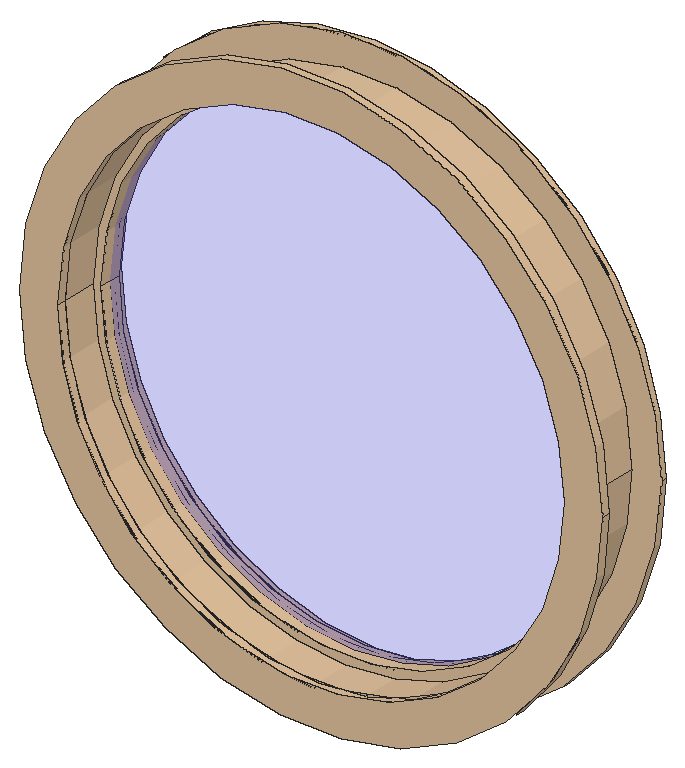
Revit family
Parameters (values of type "1220mm Diameter")
  Operation = "SinglePanel"
  Glass Pane Material = Glass
  Sash Material = Sash
  Default Sill Height = 610.00 mm
  Trim Exterior Material = Trim
  Trim Interior Material = Trim
  Trim Projection - Ext. = 13.00 mm
  Trim Projection - Int. = 19.00 mm
  Trim Width - Exterior = 89.00 mm
  Trim Width - Interior = 89.00 mm
  Wall Closure = (empty or 0)
  Width = 1220.00 mm
  Window Inset = 19.00 mm
Types (5, lengths in mm): name | Operation | Default Sill Height | Width
  (no name) | "SinglePanel" | 610.00 | 1220.00
  1220mm Diameter | "SinglePanel" | 610.00 | 1220.00
  0915mm Diameter | "" | 762.00 | 915.00
  0610 mm Diameter | "" | 915.00 | 610.00
  1525mm Diameter | "" | 457.00 | 1525.00
Reference planes
  plane 1: y = 0
  plane 2 "Top": z = 1830
  plane 3 "Sill": z = 610
  plane 4: z = 1220
  plane 5: x = -457.2
  plane 6: x = 152.8
  plane 7: x = 762.8
  plane 8: x = 743.75
  plane 9: x = 832.75
  plane 10: x = -438.15
  plane 11: x = -527.15
  plane 12 "Closure": y = 31.8
Forms (mm)
  Extrusion 1, solid, material "Trim" <- "Trim Exterior Material"
    sketch origin (0, 0, 0) x (1, 0, 0) y (0, 0, 1)
      loop
        circle (152.8, 1220) r 610
      loop
        circle (152.8, 1220) r 590.95
    from -76.2 to 76.2
  Extrusion 2, solid, material "Sash" <- "Sash Material"
    sketch origin (0, 0, 0) x (1, 0, 0) y (0, 0, 1)
      loop
        circle (152.8, 1220) r 590.95
      loop
        circle (152.8, 1220) r 571.9
    from -57.2 to -6.4
  Extrusion 3, solid, material "Glass" <- "Glass Pane Material"
    sketch origin (0, 0, 0) x (1, 0, 0) y (0, 0, 1)
      loop
        circle (152.8, 1220) r 571.9
    from -44.5 to -31.8
  Extrusion 4, solid, material "Trim" <- "Trim Exterior Material"
    sketch origin (0, 0, 0) x (1, 0, 0) y (0, 0, 1)
      loop
        circle (152.8, 1220) r 590.95
      loop
        circle (152.8, 1220) r 679.95
    from -89.2 to -76.2
  Extrusion 5, solid, material "Trim" <- "Trim Interior Material"
    sketch origin (0, 0, 0) x (1, 0, 0) y (0, 0, 1)
      loop
        circle (152.8, 1220) r 590.95
      loop
        circle (152.8, 1220) r 679.95
    from 76.2 to 95.2
Lines and regions (mm)
  Opening 1
    outline origin (-1524, -76.2, 0) x (1, 0, 0) y (0, 0, 1)
      loop
        circle (1676.8, 1220) r 610
Text (mm)
  text "Exterior" at (0, 1019.848, 3124.603), in view "Right"
  text "Exterior" at (-1787.662, 510.809, 0), in view "Floor Line"
  text "Exterior" at (0, 1206.291, 2968.097), in view "Left"
Dimensions and locks
  equal spacing: plane 2 "Top", plane 4, plane 3 "Sill"
  equal spacing: plane 5, plane 6, plane 7
  "Width": plane 5 to plane 7
  "Width": plane 2 "Top" to plane 3 "Sill"
  "Default Sill Height": plane 3 "Sill" to host wall
  locked: Extrusion 2 to Extrusion 2 at 50.8
  "Window Inset": Extrusion 1 to Extrusion 2
  locked: Extrusion 2 to Extrusion 3 at 12.7
  locked: Extrusion 3 to Extrusion 3 at 12.7
  "Trim Projection - Ext.": Extrusion 4 to Extrusion 4
  "Trim Projection - Int.": Extrusion 5 to Extrusion 5
  locked: plane 8 to plane 7 at 19.05
  "Trim Width - Exterior": plane 8 to plane 9
  locked: plane 5 to plane 10 at 19.05
  "Trim Width - Interior": plane 11 to plane 10
  locked: plane 12 "Closure" to host wall at 44.4
  aligned and locked: host wall to Extrusion 1  (x2)
  aligned and locked: Extrusion 4 to host wall
  aligned and locked: Extrusion 5 to host wall
Automatic sketch dimensions
  Opening 1 sketch curve to plane 4 = 0.00 mm
  Opening 1 sketch curve to plane 5 = 0.00 mm
  Opening 1 sketch curve to plane 6 = 0.00 mm
  Extrusion 1 sketch curve to plane 4 = 0.00 mm  (x2)
  Extrusion 1 sketch curve to plane 5 = 0.00 mm
  Extrusion 1 sketch curve to plane 6 = 0.00 mm  (x2)
  Extrusion 1 sketch curve to Extrusion 1 sketch curve = 19.05 mm
  Extrusion 2 sketch curve to plane 4 = 0.00 mm  (x2)
  Extrusion 2 sketch curve to plane 6 = 0.00 mm  (x2)
  Extrusion 2 sketch curve to plane 5 = 38.10 mm
  Extrusion 2 sketch curve to plane 5 = 19.05 mm
  Extrusion 3 sketch curve to plane 4 = 0.00 mm
  Extrusion 3 sketch curve to plane 6 = 0.00 mm
  Extrusion 3 sketch curve to plane 5 = 38.10 mm
  Extrusion 4 sketch curve to plane 4 = 0.00 mm  (x2)
  Extrusion 4 sketch curve to plane 6 = 0.00 mm  (x3)
  Extrusion 4 sketch curve to plane 8 = 0.00 mm
  Extrusion 4 sketch curve to plane 9 = 0.00 mm
  Extrusion 5 sketch curve to plane 4 = 0.00 mm  (x2)
  Extrusion 5 sketch curve to plane 11 = 0.00 mm  (x2)
  Extrusion 5 sketch curve to plane 10 = 0.00 mm
  Extrusion 5 sketch curve to plane 6 = 0.00 mm  (x2)
